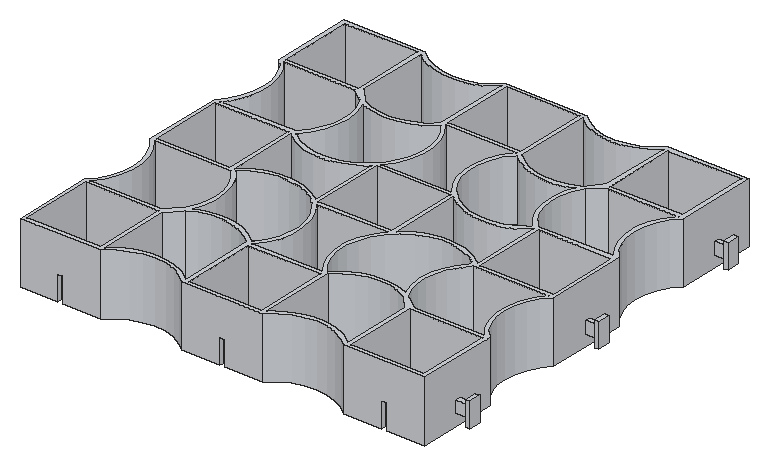
Revit family "S50", category Generic Models, Revit 2014
Parameters
  Model = "Ecoraster S50"
Reference planes
  plane 1 "Center (Front/Back)": y = 0
  plane 2: z = 0
  plane 3 "Center (Left/Right)": x = 0
  plane 4: y = 165
  plane 5: y = 297
  plane 6: y = 33
  plane 7: x = 33
  plane 8: x = 165
  plane 9: x = 297
  plane 10: y = 302
  plane 11: y = 292
  plane 12: y = 299
  plane 13: y = 295
Forms (mm)
  Extrusion 1, solid, detail levels fine
    sketch origin (0, 0, 0) x (1, 0, 0) y (0, 1, 0)
      loop
        line (66, 330) -> (0, 330) -> (0, 264)
        arc (0, 264) -> (13.669, 231) -> (0, 198) r 46.669
        line (0, 198) -> (0, 132)
        arc (0, 132) -> (13.669, 99) -> (0, 66) r 46.669
        line (0, 66) -> (0, 0) -> (66, 0)
        arc (66, 0) -> (99, 13.669) -> (132, 0) r 46.669
        line (132, 0) -> (198, 0)
        arc (198, 0) -> (231, 13.669) -> (264, 0) r 46.669
        line (264, 0) -> (330, 0) -> (330, 66)
        arc (330, 66) -> (316.331, 99) -> (330, 132) r 46.669
        line (330, 132) -> (330, 198)
        arc (330, 198) -> (316.331, 231) -> (330, 264) r 46.669
        line (330, 264) -> (330, 330) -> (264, 330)
        arc (264, 330) -> (231, 316.331) -> (198, 330) r 46.669
        line (198, 330) -> (132, 330)
        arc (132, 330) -> (99, 316.331) -> (66, 330) r 46.669
      loop
        line (3, 327) -> (3, 267) -> (63, 267) -> (63, 327) -> (3, 327)
      loop
        line (66, 325.878) -> (66, 268.122) -> (75.524, 256.665)
        arc (75.524, 256.665) -> (105.011, 250.72) -> (132, 264) r 46.669
        line (132, 264) -> (132, 325.878)
        arc (132, 325.878) -> (99, 313.331) -> (66, 325.878) r 49.669
      loop
        line (195, 327) -> (135, 327) -> (135, 267) -> (195, 267) -> (195, 327)
      loop
        line (198, 325.878) -> (198, 264)
        arc (198, 264) -> (224.989, 250.72) -> (254.476, 256.665) r 46.669
        line (254.476, 256.665) -> (264, 268.122) -> (264, 325.878)
        arc (264, 325.878) -> (231, 313.331) -> (198, 325.878) r 49.669
      loop
        line (327, 327) -> (267, 327) -> (267, 267) -> (327, 267) -> (327, 327)
      loop
        line (61.878, 264) -> (4.122, 264)
        arc (4.122, 264) -> (16.669, 231) -> (4.122, 198) r 49.669
        line (4.122, 198) -> (66, 198)
        arc (66, 198) -> (79.28, 224.989) -> (73.335, 254.476) r 46.669
        line (73.335, 254.476) -> (61.878, 264)
      loop
        arc (78.021, 251.979) -> (81.922, 222.416) -> (68.19, 195.947) r 49.669
        arc (68.19, 195.947) -> (132, 198) -> (134.053, 261.81) r 46.669
        arc (134.053, 261.81) -> (107.584, 248.078) -> (78.021, 251.979) r 49.669
      loop
        arc (136.122, 264) -> (148.669, 231) -> (136.122, 198) r 49.669
        line (136.122, 198) -> (193.878, 198)
        arc (193.878, 198) -> (181.331, 231) -> (193.878, 264) r 49.669
        line (193.878, 264) -> (136.122, 264)
      loop
        arc (195.947, 261.81) -> (198, 198) -> (261.81, 195.947) r 46.669
        arc (261.81, 195.947) -> (248.078, 222.416) -> (251.979, 251.979) r 49.669
        arc (251.979, 251.979) -> (222.416, 248.078) -> (195.947, 261.81) r 49.669
      loop
        line (268.122, 264) -> (256.665, 254.476)
        arc (256.665, 254.476) -> (250.72, 224.989) -> (264, 198) r 46.669
        line (264, 198) -> (325.878, 198)
        arc (325.878, 198) -> (313.331, 231) -> (325.878, 264) r 49.669
        line (325.878, 264) -> (268.122, 264)
      loop
        line (3, 195) -> (3, 135) -> (63, 135) -> (63, 195) -> (3, 195)
      loop
        line (66, 193.878) -> (66, 136.122)
        arc (66, 136.122) -> (99, 148.669) -> (132, 136.122) r 49.669
        line (132, 136.122) -> (132, 193.878)
        arc (132, 193.878) -> (99, 181.331) -> (66, 193.878) r 49.669
      loop
        line (195, 195) -> (135, 195) -> (135, 135) -> (195, 135) -> (195, 195)
      loop
        line (198, 193.878) -> (198, 136.122)
        arc (198, 136.122) -> (231, 148.669) -> (264, 136.122) r 49.669
        line (264, 136.122) -> (264, 193.878)
        arc (264, 193.878) -> (231, 181.331) -> (198, 193.878) r 49.669
      loop
        line (327, 195) -> (267, 195) -> (267, 135) -> (327, 135) -> (327, 195)
      loop
        line (66, 132) -> (4.122, 132)
        arc (4.122, 132) -> (16.669, 99) -> (4.122, 66) r 49.669
        line (4.122, 66) -> (61.878, 66) -> (73.335, 75.524)
        arc (73.335, 75.524) -> (79.28, 105.011) -> (66, 132) r 46.669
      loop
        arc (134.053, 68.19) -> (132, 132) -> (68.19, 134.053) r 46.669
        arc (68.19, 134.053) -> (81.922, 107.584) -> (78.021, 78.021) r 49.669
        arc (78.021, 78.021) -> (107.584, 81.922) -> (134.053, 68.19) r 49.669
      loop
        arc (136.122, 132) -> (148.669, 99) -> (136.122, 66) r 49.669
        line (136.122, 66) -> (193.878, 66)
        arc (193.878, 66) -> (181.331, 99) -> (193.878, 132) r 49.669
        line (193.878, 132) -> (136.122, 132)
      loop
        arc (261.81, 134.053) -> (198, 132) -> (195.947, 68.19) r 46.669
        arc (195.947, 68.19) -> (222.416, 81.922) -> (251.979, 78.021) r 49.669
        arc (251.979, 78.021) -> (248.078, 107.584) -> (261.81, 134.053) r 49.669
      loop
        arc (264, 132) -> (250.72, 105.011) -> (256.665, 75.524) r 46.669
        line (256.665, 75.524) -> (268.122, 66) -> (325.878, 66)
        arc (325.878, 66) -> (313.331, 99) -> (325.878, 132) r 49.669
        line (325.878, 132) -> (264, 132)
      loop
        line (63, 63) -> (3, 63) -> (3, 3) -> (63, 3) -> (63, 63)
      loop
        arc (132, 66) -> (105.011, 79.28) -> (75.524, 73.335) r 46.669
        line (75.524, 73.335) -> (66, 61.878) -> (66, 4.122)
        arc (66, 4.122) -> (99, 16.669) -> (132, 4.122) r 49.669
        line (132, 4.122) -> (132, 66)
      loop
        line (135, 63) -> (135, 3) -> (195, 3) -> (195, 63) -> (135, 63)
      loop
        arc (254.476, 73.335) -> (224.989, 79.28) -> (198, 66) r 46.669
        line (198, 66) -> (198, 4.122)
        arc (198, 4.122) -> (231, 16.669) -> (264, 4.122) r 49.669
        line (264, 4.122) -> (264, 61.878) -> (254.476, 73.335)
      loop
        line (267, 63) -> (267, 3) -> (327, 3) -> (327, 63) -> (267, 63)
    from 0 to 50
  Extrusion 2, solid, detail levels medium+fine
    sketch origin (0, 0, 0) x (1, 0, 0) y (0, 1, 0)
      loop
        line (330, 299) -> (330, 295) -> (340.742, 295) -> (340.742, 299) -> (330, 299)
    from 10 to 20
  Extrusion 3, solid, detail levels medium+fine
    sketch origin (0, 0, 0) x (1, 0, 0) y (0, 1, 0)
      loop
        line (340.742, 302) -> (340.742, 292) -> (344.123, 292) -> (344.123, 302) -> (340.742, 302)
    from 5 to 25
  Extrusion 4, solid, detail levels medium+fine
    sketch origin (0, -132, 0) x (1, 0, 0) y (0, 1, 0)
      loop
        line (330, 299) -> (330, 295) -> (340.742, 295) -> (340.742, 299) -> (330, 299)
    from 10 to 20
  Extrusion 5, solid, detail levels medium+fine
    sketch origin (0, -132, 0) x (1, 0, 0) y (0, 1, 0)
      loop
        line (340.742, 302) -> (340.742, 292) -> (344.123, 292) -> (344.123, 302) -> (340.742, 302)
    from 5 to 25
  Extrusion 6, solid, detail levels medium+fine
    sketch origin (0, -264, 0) x (1, 0, 0) y (0, 1, 0)
      loop
        line (330, 299) -> (330, 295) -> (340.742, 295) -> (340.742, 299) -> (330, 299)
    from 10 to 20
  Extrusion 7, solid, detail levels medium+fine
    sketch origin (0, -264, 0) x (1, 0, 0) y (0, 1, 0)
      loop
        line (340.742, 302) -> (340.742, 292) -> (344.123, 292) -> (344.123, 302) -> (340.742, 302)
    from 5 to 25
  Extrusion 8, solid, detail levels medium+fine
    sketch origin (594, 0, 0) x (0, 1, 0) y (-1, 0, 0)
      loop
        line (330, 299) -> (330, 295) -> (340.742, 295) -> (340.742, 299) -> (330, 299)
    from 10 to 20
  Extrusion 9, solid, detail levels medium+fine
    sketch origin (594, 0, 0) x (0, 1, 0) y (-1, 0, 0)
      loop
        line (340.742, 302) -> (340.742, 292) -> (344.123, 292) -> (344.123, 302) -> (340.742, 302)
    from 5 to 25
  Extrusion 10, solid, detail levels medium+fine
    sketch origin (462, 0, 0) x (0, 1, 0) y (-1, 0, 0)
      loop
        line (330, 299) -> (330, 295) -> (340.742, 295) -> (340.742, 299) -> (330, 299)
    from 10 to 20
  Extrusion 11, solid, detail levels medium+fine
    sketch origin (462, 0, 0) x (0, 1, 0) y (-1, 0, 0)
      loop
        line (340.742, 302) -> (340.742, 292) -> (344.123, 292) -> (344.123, 302) -> (340.742, 302)
    from 5 to 25
  Extrusion 12, solid, detail levels medium+fine
    sketch origin (330, 0, 0) x (0, 1, 0) y (-1, 0, 0)
      loop
        line (330, 299) -> (330, 295) -> (340.742, 295) -> (340.742, 299) -> (330, 299)
    from 10 to 20
  Extrusion 13, solid, detail levels medium+fine
    sketch origin (330, 0, 0) x (0, 1, 0) y (-1, 0, 0)
      loop
        line (340.742, 302) -> (340.742, 292) -> (344.123, 292) -> (344.123, 302) -> (340.742, 302)
    from 5 to 25
  Extrusion 14, void, detail levels fine
    sketch origin (0, 0, 0) x (1, 0, 0) y (0, 1, 0)
      loop
        line (0, 299) -> (0, 295) -> (3, 295) -> (3, 299) -> (0, 299)
    from 0 to 20
  Extrusion 15, void, detail levels fine
    sketch origin (0, -132, 0) x (1, 0, 0) y (0, 1, 0)
      loop
        line (0, 299) -> (0, 295) -> (3, 295) -> (3, 299) -> (0, 299)
    from 0 to 20
  Extrusion 16, void, detail levels fine
    sketch origin (0, -264, 0) x (1, 0, 0) y (0, 1, 0)
      loop
        line (0, 299) -> (0, 295) -> (3, 295) -> (3, 299) -> (0, 299)
    from 0 to 20
  Extrusion 17, void, detail levels fine
    sketch origin (-264, 3, 0) x (0, -1, 0) y (1, 0, 0)
      loop
        line (0, 299) -> (0, 295) -> (3, 295) -> (3, 299) -> (0, 299)
    from 0 to 20
  Extrusion 18, void, detail levels fine
    sketch origin (-132, 3, 0) x (0, -1, 0) y (1, 0, 0)
      loop
        line (0, 299) -> (0, 295) -> (3, 295) -> (3, 299) -> (0, 299)
    from 0 to 20
  Extrusion 19, void, detail levels fine
    sketch origin (0, 3, 0) x (0, -1, 0) y (1, 0, 0)
      loop
        line (0, 299) -> (0, 295) -> (3, 295) -> (3, 299) -> (0, 299)
    from 0 to 20
  Extrusion 20, solid, detail levels coarse+medium
    sketch origin (0, 0, 0) x (1, 0, 0) y (0, 1, 0)
      loop
        line (0, 330) -> (0, 0) -> (330, 0) -> (330, 330) -> (0, 330)
    from 0 to 50
  Extrusion 21, solid, detail levels coarse
    sketch origin (0, 0, 0) x (1, 0, 0) y (0, 1, 0)
      loop
        line (344.123, 28) -> (344.123, 302) -> (330, 302) -> (330, 28) -> (344.123, 28)
    from 5 to 25
  Extrusion 22, solid, detail levels coarse
    sketch origin (330, 0, 0) x (0, 1, 0) y (-1, 0, 0)
      loop
        line (344.123, 28) -> (344.123, 302) -> (330, 302) -> (330, 28) -> (344.123, 28)
    from 5 to 25
Cuts and joins
  Extrusion 14, Extrusion 15, Extrusion 16, Extrusion 17, Extrusion 18, Extrusion 19 cuts Extrusion 1
Lines and regions (mm)
  model lines, style "InvisibleLines"
    curve 1: arc (261.81, 134.053, 0) -> (198, 132, 0) -> (195.947, 68.19, 0) r 46.669
    curve 2: arc (264, 136.122, 0) -> (231, 148.669, 0) -> (198, 136.122, 0) r 49.669
    curve 3: arc (193.878, 132, 0) -> (181.331, 99, 0) -> (193.878, 66, 0) r 49.669
    curve 4: arc (264, 132, 0) -> (250.72, 105.011, 0) -> (256.665, 75.524, 0) r 46.669
    curve 5: arc (261.81, 134.053, 0) -> (248.078, 107.584, 0) -> (251.979, 78.021, 0) r 49.669
    curve 6: arc (254.476, 73.335, 0) -> (224.989, 79.28, 0) -> (198, 66, 0) r 46.669
    curve 7: arc (251.979, 78.021, 0) -> (222.416, 81.922, 0) -> (195.947, 68.19, 0) r 49.669
    curve 8: arc (330, 132, 0) -> (316.331, 99, 0) -> (330, 66, 0) r 46.669
    curve 9: arc (325.878, 132, 0) -> (313.331, 99, 0) -> (325.878, 66, 0) r 49.669
    curve 10: arc (264, 0, 0) -> (231, 13.669, 0) -> (198, 0, 0) r 46.669
    curve 11: arc (264, 4.122, 0) -> (231, 16.669, 0) -> (198, 4.122, 0) r 49.669
    curve 12: arc (134.053, 68.19, 0) -> (132, 132, 0) -> (68.19, 134.053, 0) r 46.669
    curve 13: arc (132, 136.122, 0) -> (99, 148.669, 0) -> (66, 136.122, 0) r 49.669
    curve 14: arc (136.122, 66, 0) -> (148.669, 99, 0) -> (136.122, 132, 0) r 49.669
    curve 15: arc (73.335, 75.524, 0) -> (79.28, 105.011, 0) -> (66, 132, 0) r 46.669
    curve 16: arc (78.021, 78.021, 0) -> (81.922, 107.584, 0) -> (68.19, 134.053, 0) r 49.669
    curve 17: arc (132, 66, 0) -> (105.011, 79.28, 0) -> (75.524, 73.335, 0) r 46.669
    curve 18: arc (134.053, 68.19, 0) -> (107.584, 81.922, 0) -> (78.021, 78.021, 0) r 49.669
    curve 19: arc (0, 66, 0) -> (13.669, 99, 0) -> (0, 132, 0) r 46.669
    curve 20: arc (4.122, 66, 0) -> (16.669, 99, 0) -> (4.122, 132, 0) r 49.669
    curve 21: arc (132, 0, 0) -> (99, 13.669, 0) -> (66, 0, 0) r 46.669
    curve 22: arc (132, 4.122, 0) -> (99, 16.669, 0) -> (66, 4.122, 0) r 49.669
    curve 23: arc (195.947, 261.81, 0) -> (198, 198, 0) -> (261.81, 195.947, 0) r 46.669
    curve 24: arc (198, 193.878, 0) -> (231, 181.331, 0) -> (264, 193.878, 0) r 49.669
    curve 25: arc (193.878, 264, 0) -> (181.331, 231, 0) -> (193.878, 198, 0) r 49.669
    curve 26: arc (256.665, 254.476, 0) -> (250.72, 224.989, 0) -> (264, 198, 0) r 46.669
    curve 27: arc (251.979, 251.979, 0) -> (248.078, 222.416, 0) -> (261.81, 195.947, 0) r 49.669
    curve 28: arc (198, 264, 0) -> (224.989, 250.72, 0) -> (254.476, 256.665, 0) r 46.669
    curve 29: arc (195.947, 261.81, 0) -> (222.416, 248.078, 0) -> (251.979, 251.979, 0) r 49.669
    curve 30: arc (330, 264, 0) -> (316.331, 231, 0) -> (330, 198, 0) r 46.669
    curve 31: arc (325.878, 264, 0) -> (313.331, 231, 0) -> (325.878, 198, 0) r 49.669
    curve 32: arc (198, 330, 0) -> (231, 316.331, 0) -> (264, 330, 0) r 46.669
    curve 33: arc (198, 325.878, 0) -> (231, 313.331, 0) -> (264, 325.878, 0) r 49.669
    curve 34: arc (68.19, 195.947, 0) -> (132, 198, 0) -> (134.053, 261.81, 0) r 46.669
    curve 35: arc (66, 193.878, 0) -> (99, 181.331, 0) -> (132, 193.878, 0) r 49.669
    curve 36: arc (136.122, 198, 0) -> (148.669, 231, 0) -> (136.122, 264, 0) r 49.669
    curve 37: arc (66, 198, 0) -> (79.28, 224.989, 0) -> (73.335, 254.476, 0) r 46.669
    curve 38: arc (68.19, 195.947, 0) -> (81.922, 222.416, 0) -> (78.021, 251.979, 0) r 49.669
    curve 39: arc (75.524, 256.665, 0) -> (105.011, 250.72, 0) -> (132, 264, 0) r 46.669
    curve 40: arc (78.021, 251.979, 0) -> (107.584, 248.078, 0) -> (134.053, 261.81, 0) r 49.669
    curve 41: arc (0, 198, 0) -> (13.669, 231, 0) -> (0, 264, 0) r 46.669
    curve 42: arc (4.122, 198, 0) -> (16.669, 231, 0) -> (4.122, 264, 0) r 49.669
    curve 43: arc (66, 330, 0) -> (99, 316.331, 0) -> (132, 330, 0) r 46.669
    curve 44: arc (66, 325.878, 0) -> (99, 313.331, 0) -> (132, 325.878, 0) r 49.669
    curve 45: line (132, 0, 0) -> (198, 0, 0)
    curve 46: line (264, 0, 0) -> (330, 0, 0)
    curve 47: line (330, 0, 0) -> (330, 66, 0)
    curve 48: line (136.122, 66, 0) -> (193.878, 66, 0)
    curve 49: line (195, 63, 0) -> (195, 3, 0)
    curve 50: line (195, 3, 0) -> (135, 3, 0)
    curve 51: line (135, 3, 0) -> (135, 63, 0)
    curve 52: line (135, 63, 0) -> (195, 63, 0)
    curve 53: line (256.665, 75.524, 0) -> (268.122, 66, 0)
    curve 54: line (268.122, 66, 0) -> (325.878, 66, 0)
    curve 55: line (327, 63, 0) -> (327, 3, 0)
    curve 56: line (327, 3, 0) -> (267, 3, 0)
    curve 57: line (267, 3, 0) -> (267, 63, 0)
    curve 58: line (267, 63, 0) -> (327, 63, 0)
    curve 59: line (136.122, 132, 0) -> (193.878, 132, 0)
    curve 60: line (195, 195, 0) -> (135, 195, 0)
    curve 61: line (135, 195, 0) -> (135, 135, 0)
    curve 62: line (135, 135, 0) -> (195, 135, 0)
    curve 63: line (195, 135, 0) -> (195, 195, 0)
    curve 64: line (264, 132, 0) -> (325.878, 132, 0)
    curve 65: line (327, 195, 0) -> (267, 195, 0)
    curve 66: line (267, 195, 0) -> (267, 135, 0)
    curve 67: line (267, 135, 0) -> (327, 135, 0)
    curve 68: line (327, 135, 0) -> (327, 195, 0)
    curve 69: line (330, 132, 0) -> (330, 198, 0)
    curve 70: line (264, 4.122, 0) -> (264, 61.878, 0)
    curve 71: line (264, 61.878, 0) -> (254.476, 73.335, 0)
    curve 72: line (264, 136.122, 0) -> (264, 193.878, 0)
    curve 73: line (198, 4.122, 0) -> (198, 66, 0)
    curve 74: line (198, 136.122, 0) -> (198, 193.878, 0)
    curve 75: line (66, 0, 0) -> (0, 0, 0)
    curve 76: line (0, 0, 0) -> (0, 66, 0)
    curve 77: line (73.335, 75.524, 0) -> (61.878, 66, 0)
    curve 78: line (61.878, 66, 0) -> (4.122, 66, 0)
    curve 79: line (3, 63, 0) -> (3, 3, 0)
    curve 80: line (3, 3, 0) -> (63, 3, 0)
    curve 81: line (63, 3, 0) -> (63, 63, 0)
    curve 82: line (63, 63, 0) -> (3, 63, 0)
    curve 83: line (66, 132, 0) -> (4.122, 132, 0)
    curve 84: line (3, 195, 0) -> (63, 195, 0)
    curve 85: line (63, 195, 0) -> (63, 135, 0)
    curve 86: line (63, 135, 0) -> (3, 135, 0)
    curve 87: line (3, 135, 0) -> (3, 195, 0)
    curve 88: line (0, 132, 0) -> (0, 198, 0)
    curve 89: line (66, 4.122, 0) -> (66, 61.878, 0)
    curve 90: line (66, 61.878, 0) -> (75.524, 73.335, 0)
    curve 91: line (66, 136.122, 0) -> (66, 193.878, 0)
    curve 92: line (132, 4.122, 0) -> (132, 66, 0)
    curve 93: line (132, 136.122, 0) -> (132, 193.878, 0)
    curve 94: line (132, 330, 0) -> (198, 330, 0)
    curve 95: line (264, 330, 0) -> (330, 330, 0)
    curve 96: line (330, 330, 0) -> (330, 264, 0)
    curve 97: line (136.122, 264, 0) -> (193.878, 264, 0)
    curve 98: line (195, 267, 0) -> (195, 327, 0)
    curve 99: line (195, 327, 0) -> (135, 327, 0)
    curve 100: line (135, 327, 0) -> (135, 267, 0)
    curve 101: line (135, 267, 0) -> (195, 267, 0)
    curve 102: line (256.665, 254.476, 0) -> (268.122, 264, 0)
    curve 103: line (268.122, 264, 0) -> (325.878, 264, 0)
    curve 104: line (327, 267, 0) -> (327, 327, 0)
    curve 105: line (327, 327, 0) -> (267, 327, 0)
    curve 106: line (267, 327, 0) -> (267, 267, 0)
    curve 107: line (267, 267, 0) -> (327, 267, 0)
    curve 108: line (136.122, 198, 0) -> (193.878, 198, 0)
    curve 109: line (264, 198, 0) -> (325.878, 198, 0)
    curve 110: line (264, 325.878, 0) -> (264, 268.122, 0)
    curve 111: line (264, 268.122, 0) -> (254.476, 256.665, 0)
    curve 112: line (198, 325.878, 0) -> (198, 264, 0)
    curve 113: line (66, 330, 0) -> (0, 330, 0)
    curve 114: line (0, 330, 0) -> (0, 264, 0)
    curve 115: line (73.335, 254.476, 0) -> (61.878, 264, 0)
    curve 116: line (61.878, 264, 0) -> (4.122, 264, 0)
    curve 117: line (3, 267, 0) -> (3, 327, 0)
    curve 118: line (3, 327, 0) -> (63, 327, 0)
    curve 119: line (63, 327, 0) -> (63, 267, 0)
    curve 120: line (63, 267, 0) -> (3, 267, 0)
    curve 121: line (66, 198, 0) -> (4.122, 198, 0)
    curve 122: line (66, 325.878, 0) -> (66, 268.122, 0)
    curve 123: line (66, 268.122, 0) -> (75.524, 256.665, 0)
    curve 124: line (132, 325.878, 0) -> (132, 264, 0)
Dimensions and locks
  aligned and locked: Extrusion 2 sketch curve to plane 12
  aligned and locked: Extrusion 2 sketch curve to curve 96
  aligned and locked: plane 13 to Extrusion 2 sketch curve
  aligned and locked: Extrusion 2 to Extrusion 3
  aligned and locked: Extrusion 4 to Extrusion 5  (x2)
  aligned and locked: Extrusion 6 to Extrusion 7  (x2)
  aligned and locked: Extrusion 4 to Extrusion 1
  aligned and locked: Extrusion 6 to Extrusion 1
  aligned and locked: Extrusion 9 to Extrusion 8  (x2)
  aligned and locked: Extrusion 11 to Extrusion 10  (x2)
  aligned and locked: Extrusion 13 to Extrusion 12  (x2)
  aligned and locked: Extrusion 8 to Extrusion 1
  aligned and locked: Extrusion 8 to Extrusion 9
  aligned and locked: Extrusion 10 to Extrusion 1
  aligned and locked: Extrusion 10 to Extrusion 11
  aligned and locked: Extrusion 12 to Extrusion 1
  aligned and locked: Extrusion 12 to Extrusion 13
  aligned and locked: Extrusion 14 sketch curve to plane 12
  aligned and locked: plane 3 "Center (Left/Right)" to Extrusion 14 sketch curve
  aligned and locked: plane 13 to Extrusion 14 sketch curve
  aligned and locked: Extrusion 14 sketch curve to curve 117
  aligned and locked: Extrusion 20 to cut or joined group of Extrusion 1, Extrusion 14, Extrusion 15, Extrusion 16, Extrusion 17, Extrusion 18, Extrusion 19
